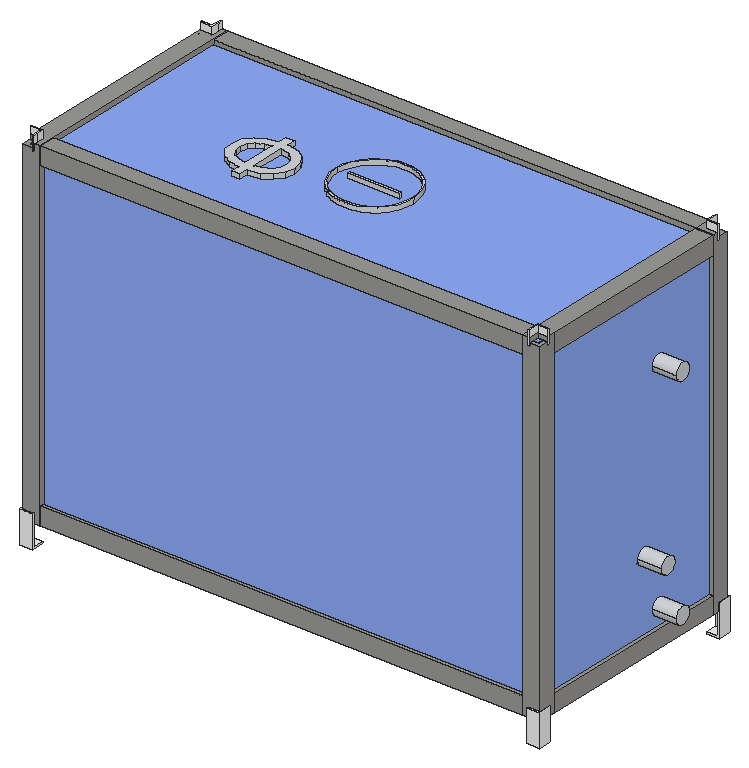
Revit family "9. Фреоновый испаритель UTR", category Оборудование, Revit 2016
Family settings
  Тип детали = Нормальный
  Размер круглого соединителя = Использовать диаметр
  На основе рабочей плоскости = Нет
  Всегда вертикально = Да
  При загрузке вырезать с полостями = Нет
  Общий = Нет
  Точка расчета площади = Нет
Parameters (values of type "90-50")
  ширина = 900 mm
  размер В = 1050 mm
  значок [instance] = yes
  высота = 500 mm
  Холодопроизводительность, кВт = 32 kW
  Синий = Синий
  Заправочный объем, л = 4.80 m³
  Диаметр патрубков = 35 mm
  Д1 = Д - 20 mm  # 490 mm
  Д = 510 mm
  ножки(да/нет) [instance] = no
  Г = 645 mm
  Б1 = Б - 20 mm  # 720 mm
  А1 = А - 20 mm  # 1105 mm
  А = 1125 mm
  высота ножек = 50 mm
  Б = 740 mm
  Частотный преобразователь [instance] = no
  Частота вращения n, об/мин = ""
  Тип, марка, обозначение = "UTR 90-50"
  Сила тока J, А = ""
  Регулятор расхода [instance] = no
  Раздел = "ОВ"
  Примечание = ""
  Позиция = ""
  Напряжение U,В = ""
  Наименование и тех.хар-ка = "Фреоновый испаритель"  # constant formula
  Мощность двигателя N,Вт = ""
  Материал = RAL 0000 Серый металл
  Масса единицы = "65"
  Код, оборудования = ""
  Ключевая пометка = "Вентиляция"
  Задание электрикам [instance] = no
  Задание автоматчикам [instance] = no
  Завод изготовитель = "KORF"  # constant formula
  Единица измерения = "шт."  # constant formula
  h = высота ножек + 10 mm  # 60 mm
Types (8, lengths in mm): name | ширина | размер В | высота | Холодопроизводительность, кВт | Заправочный объем, л | Диаметр патрубков | ножки(да/нет) | Г | Б1 | А1 | А | Б | Тип, марка, обозначение | Материал | Масса единицы
  50-25 | 500 | 635 | 250 | 9 kW | 1.40 m³ | 16 | yes | 395 | 450 | 690 | 710 | 470 | "UTR 50-25" | Сталь серая | "34"
  50-30 | 500 | 635 | 300 | 10.6 kW | 1.80 m³ | 22 | no | 445 | 500 | 690 | 710 | 520 | "UTR 50-30" | Сталь серая | "37"
  60-30 | 600 | 735 | 300 | 12.9 kW | 2.00 m³ | 22 | no | 445 | 500 | 790 | 810 | 520 | "UTR 60-30" | Сталь серая | "40"
  60-35 | 600 | 735 | 350 | 15.1 kW | 2.30 m³ | 22 | no | 495 | 550 | 790 | 810 | 570 | "UTR 60-35" | Сталь серая | "42"
  70-40 | 700 | 835 | 400 | 20.2 kW | 3.00 m³ | 28 | no | 545 | 600 | 890 | 910 | 620 | "UTR 70-40" | Сталь серая | "48"
  80-50 | 800 | 935 | 500 | 28.5 kW | 4.40 m³ | 28 | no | 645 | 700 | 990 | 1010 | 720 | "UTR 80-50" | Сталь серая | "57"
  90-50 | 900 | 1050 | 500 | 32 kW | 4.80 m³ | 35 | no | 645 | 720 | 1105 | 1125 | 740 | "UTR 90-50" | RAL 0000 Серый металл | "65"
  100-50 | 1000 | 1150 | 500 | 35.5 kW | 5.30 m³ | 35 | no | 665 | 720 | 1205 | 1225 | 740 | "UTR 100-50" | Сталь серая | "68"
Reference planes
  plane 1 "По центру (Вперед/Назад)": y = 0
  plane 2: z = 0
  plane 3 "По центру (Влево/Вправо)": x = 0
  plane 4: x = -552.5
  plane 5: x = 552.5
  plane 6: y = 245
  plane 7: y = -245
  plane 8: z = 780
  plane 9: z = 60
  plane 10: z = 805
  plane 11: z = 272.5
  plane 12: z = 600
  plane 13: z = 240
  plane 14: z = 125
  plane 15: z = 730
  plane 16: y = 80
  plane 17: y = 40
  plane 18: x = 606
Forms (mm)
  Extrusion 1, solid, material "Синий" <- "Синий", detail levels fine
    sketch origin (0, 0, 50) x (1, 0, 0) y (0, 1, 0)
      loop
        line (-552.5, 245) -> (-552.5, -245) -> (552.5, -245) -> (552.5, 245) -> (-552.5, 245)
    from 10 to 730
  Sweep 2, solid, material "RAL 0000 Серый металл" <- "Материал", detail levels fine
    path origin (552.5, -245, 50) x (-1, 0, 0) y (0, 0, -1)
      loop
        line (0, -730) -> (1105, -730) -> (1105, -10) -> (0, -10) -> (0, -730)
    profile "Профиль уголок 10х10 : Профиль уголок 10х10" origin (0, -245, 780) x (0, 0, -1) y (0, -1, 0)
      loop
        line (0, -27.5) -> (0, 0) -> (27.5, 0) -> (27.5, 10) -> (-10, 10) -> (-10, -27.5) -> (0, -27.5)
  Sweep 3, solid, material "RAL 0000 Серый металл" <- "Материал", detail levels fine
    path origin (-552.5, 245, 50) x (1, 0, 0) y (0, 0, -1)
      loop
        line (0, -730) -> (1105, -730) -> (1105, -10) -> (0, -10) -> (0, -730)
    profile "Профиль уголок 10х10 : Профиль уголок 10х10" origin (0, 245, 780) x (0, 0, -1) y (0, 1, 0)
      loop
        line (0, -27.5) -> (0, 0) -> (27.5, 0) -> (27.5, 10) -> (-10, 10) -> (-10, -27.5) -> (0, -27.5)
  Sweep 4, solid, material "RAL 0000 Серый металл" <- "Материал", detail levels fine
    path origin (552.5, 245, 50) x (0, -1, 0) y (0, 0, -1)
      loop
        line (0, -730) -> (490, -730) -> (490, -10) -> (0, -10) -> (0, -730)
    profile "Профиль уголок 10х10 : Профиль уголок 10х10" origin (552.5, 0, 780) x (0, 0, -1) y (1, 0, 0)
      loop
        line (0, -27.5) -> (0, 0) -> (27.5, 0) -> (27.5, 10) -> (-10, 10) -> (-10, -27.5) -> (0, -27.5)
  Sweep 5, solid, material "RAL 0000 Серый металл" <- "Материал", detail levels fine
    path origin (-552.5, -245, 50) x (0, 1, 0) y (0, 0, -1)
      loop
        line (0, -730) -> (490, -730) -> (490, -10) -> (0, -10) -> (0, -730)
    profile "Профиль уголок 10х10 : Профиль уголок 10х10" origin (-552.5, 0, 780) x (0, 0, -1) y (-1, 0, 0)
      loop
        line (0, -27.5) -> (0, 0) -> (27.5, 0) -> (27.5, 10) -> (-10, 10) -> (-10, -27.5) -> (0, -27.5)
  Extrusion 6, void
    sketch origin (-552.5, -244.965, 330) x (0, -1, 0) y (0, 0, -1)
      loop
        line (-477.965, -475) -> (-477.965, -450) -> (-528.913, -450) -> (-528.913, -475) -> (-477.965, -475)
    from -47.452 to 12
  Extrusion 7, void, not visible
    sketch origin (-345, -245, 50) x (0, -1, 0) y (0, 0, -1)
      loop
        line (-477.965, -475) -> (-477.965, -450) -> (-528.913, -450) -> (-528.913, -475) -> (-477.965, -475)
    from -47.452 to 12
  Extrusion 8, void
    sketch origin (552.5, 244.965, 330) x (0, 1, 0) y (0, 0, -1)
      loop
        line (-11.965, -475) -> (38.984, -475) -> (38.984, -450) -> (-11.965, -450) -> (-11.965, -475)
    from -47.452 to 12
  Extrusion 9, void
    sketch origin (-552.5, -244.965, 330) x (0, -1, 0) y (0, 0, -1)
      loop
        line (-11.965, -475) -> (38.984, -475) -> (38.984, -450) -> (-11.965, -450) -> (-11.965, -475)
    from -47.452 to 12
  Extrusion 10, void
    sketch origin (552.5, 244.965, 330) x (0, 1, 0) y (0, 0, -1)
      loop
        line (-477.965, -475) -> (-477.965, -450) -> (-528.913, -450) -> (-528.913, -475) -> (-477.965, -475)
    from -47.452 to 12
  Extrusion 11, solid, detail levels fine
    sketch origin (0, 0, 0) x (0, 1, 0) y (0, 0, 1)
      loop
        circle (80, 600) r 17.5
      loop
        circle (40, 240) r 17.5
      loop
        circle (80, 125) r 17.5
    from 0 to 606
  Extrusion 12, solid, visible <- "значок", detail levels fine
    sketch origin (0, 0, 0) x (1, 0, 0) y (0, 1, 0)
      loop
        circle (0, 0) r 85
      loop
        circle (0, 0) r 81.744
      loop
        line (-56.68, 2.714) -> (-56.68, -2.286) -> (55.248, -2.286) -> (55.248, 2.714) -> (-56.68, 2.714)
      loop
        line (-197.408, -82.301) -> (-180.136, -79.25) -> (-166.975, -71.827) -> (-158.646, -60.41) -> (-155.87, -45.378) -> (-158.596, -30.55) -> (-166.777, -19.164) -> (-179.888, -11.655) -> (-197.408, -8.455) -> (-197.408, -82.301)
      loop
        line (-254.537, -30.198) -> (-257.408, -45.378) -> (-254.573, -60.446) -> (-246.068, -71.899) -> (-232.848, -79.322) -> (-215.87, -82.301) -> (-215.87, -8.455) -> (-232.668, -11.412) -> (-245.924, -18.768) -> (-254.537, -30.198)
      loop
        line (-239.528, 5.472) -> (-258.796, -5.895) -> (-271.601, -23.149) -> (-275.87, -45.342) -> (-271.588, -67.468) -> (-258.742, -84.807) -> (-239.46, -96.269) -> (-215.87, -100.763) -> (-215.87, -119.225) -> (-197.408, -119.225) -> (-197.408, -100.763) -> (-171.902, -95.625) -> (-153.003, -83.455) -> (-141.307, -66.085) -> (-137.408, -45.342) -> (-141.433, -24.258) -> (-153.508, -6.941) -> (-172.533, 5.012) -> (-197.408, 10.006) -> (-197.408, 28.468) -> (-215.87, 28.468) -> (-215.87, 10.006) -> (-239.528, 5.472)
    from 780 to 790
Cuts and joins
  Extrusion 6, Extrusion 8, Extrusion 9, Extrusion 10 cuts Extrusion 1
  Extrusion 6, Extrusion 8, Extrusion 9, Extrusion 10 cuts Sweep 3
  Extrusion 6, Extrusion 8, Extrusion 9 cuts Sweep 5
  Extrusion 8, Extrusion 10 cuts Sweep 4
  Extrusion 9, Extrusion 10 cuts Sweep 2
Dimensions and locks
  equal spacing: plane 6, plane 1 "По центру (Вперед/Назад)", plane 7
  "Д1": plane 6 to plane 7
  equal spacing: plane 4, plane 3 "По центру (Влево/Вправо)", plane 5
  "А1": plane 4 to plane 5
  "h": plane 9 to level
  "Б1": plane 8 to plane 9
  locked: plane 10 to plane 8 at 25
  locked: plane 8 to plane 15 at 50
  locked: plane 8 to plane 12 at 180
  locked: plane 14 to plane 9 at 65
  locked: plane 13 to plane 9 at 180
  locked: plane 17 to plane 1 "По центру (Вперед/Назад)" at 40
  locked: plane 16 to plane 1 "По центру (Вперед/Назад)" at 80
  locked: plane 18 to plane 5 at 53.5
  cut or joined group of Sweep 2, Extrusion 9, Extrusion 10 to level = 50 mm
  "Диаметр патрубков": diameter of Extrusion 11 sketch curve  (x3)
  aligned and locked: level to plane 2
  aligned and locked: plane 6 to Extrusion 1
  aligned and locked: plane 5 to Extrusion 1
  aligned and locked: Extrusion 1 to plane 7
  aligned and locked: Extrusion 1 to plane 4
  aligned and locked: plane 8 to Extrusion 1
  aligned and locked: Extrusion 1 to plane 9
  aligned and locked: Sweep 4 sketch curve to Extrusion 1  (x2)
  aligned and locked: Sweep 5 sketch curve to Extrusion 1  (x2)
  aligned and locked: nested 1 to Sweep 5  (x2)
  aligned and locked: nested 2 to Sweep 4
  aligned and locked: Sweep 4 to nested 2
  aligned and locked: nested 4 to Sweep 4  (x2)
  aligned and locked: Sweep 5 to nested 3
  aligned and locked: nested 3 to Sweep 5
  aligned and locked: Extrusion 6 to nested 5  (x2)
  aligned and locked: Extrusion 8 to nested 7
  aligned and locked: nested 7 to Extrusion 8
  aligned and locked: Extrusion 9 to nested 8
  aligned and locked: nested 8 to Extrusion 9
  aligned and locked: Extrusion 10 to nested 9
  aligned and locked: nested 9 to Extrusion 10
  aligned and locked: nested 8 to cut or joined group of Sweep 2, Extrusion 9, Extrusion 10  (x2)
  aligned and locked: nested 5 to cut or joined group of Sweep 3, Extrusion 6, Extrusion 8, Extrusion 9, Extrusion 10
  aligned and locked: nested 5 to cut or joined group of Sweep 5, Extrusion 6, Extrusion 8, Extrusion 9
  aligned and locked: nested 7 to cut or joined group of Sweep 4, Extrusion 8, Extrusion 10
  aligned and locked: nested 7 to cut or joined group of Sweep 3, Extrusion 6, Extrusion 8, Extrusion 9, Extrusion 10
  aligned and locked: nested 9 to cut or joined group of Sweep 2, Extrusion 9, Extrusion 10
  aligned and locked: cut or joined group of Sweep 2, Extrusion 9, Extrusion 10 to nested 9
  aligned and locked: nested 8 to plane 10
  aligned and locked: nested 9 to plane 10
  aligned and locked: plane 10 to nested 5
  aligned and locked: plane 10 to nested 7
  aligned and locked: plane 18 to Extrusion 11
  aligned and locked: plane 7 to nested 10
  aligned and locked: nested 10 to plane 5
  aligned and locked: plane 7 to nested 11
  aligned and locked: plane 9 to nested 11
  aligned and locked: cut or joined group of Sweep 3, Extrusion 6, Extrusion 8, Extrusion 9, Extrusion 10 to Extrusion 12
  aligned and locked: Extrusion 12 to plane 8
Automatic sketch dimensions
  Extrusion 6 sketch curve to Extrusion 6 sketch curve = 50.949 mm
  Extrusion 6 sketch curve to Extrusion 6 sketch curve = 25 mm
  Extrusion 7 sketch curve to Extrusion 7 sketch curve = 50.949 mm
  Extrusion 7 sketch curve to Extrusion 7 sketch curve = 25 mm
  Extrusion 8 sketch curve to Extrusion 8 sketch curve = 50.949 mm
  Extrusion 8 sketch curve to Extrusion 8 sketch curve = 25 mm
  Extrusion 9 sketch curve to Extrusion 9 sketch curve = 50.949 mm
  Extrusion 9 sketch curve to Extrusion 9 sketch curve = 25 mm
  Extrusion 10 sketch curve to Extrusion 10 sketch curve = 50.949 mm
  Extrusion 10 sketch curve to Extrusion 10 sketch curve = 25 mm
  Extrusion 1 sketch curve to plane 4 = 0 mm
  Extrusion 1 sketch curve to plane 5 = 0 mm
  Extrusion 1 sketch curve to plane 7 = 0 mm
  Extrusion 1 sketch curve to plane 6 = 0 mm
  Sweep 2 sketch curve to Extrusion 1 = 0 mm  (x4)
  Sweep 3 sketch curve to Extrusion 1 = 0 mm  (x3)
  Extrusion 1 to Sweep 3 sketch curve = 0 mm
  Sweep 4 sketch curve to Extrusion 1 = 0 mm  (x2)
  Sweep 5 sketch curve to Extrusion 1 = 0 mm  (x2)
  Extrusion 12 sketch curve to Extrusion 12 sketch curve = 0 mm  (x6)
  plane 1 "По центру (Вперед/Назад)" to Extrusion 12 sketch curve = 0 mm
  Extrusion 12 sketch curve to plane 3 "По центру (Влево/Вправо)" = 0 mm
  Extrusion 12 sketch curve to plane 1 "По центру (Вперед/Назад)" = 2.714 mm
  Extrusion 12 sketch curve to plane 3 "По центру (Влево/Вправо)" = 56.68 mm
  plane 3 "По центру (Влево/Вправо)" to Extrusion 12 sketch curve = 55.248 mm
  plane 1 "По центру (Вперед/Назад)" to Extrusion 12 sketch curve = 2.286 mm
  plane 1 "По центру (Вперед/Назад)" to Extrusion 12 sketch curve = 45.378 mm
  Extrusion 12 sketch curve to Extrusion 12 sketch curve = 99.19 mm
  plane 1 "По центру (Вперед/Назад)" to Extrusion 12 sketch curve = 30.55 mm
  Extrusion 12 sketch curve to Extrusion 12 sketch curve = 2.727 mm
  plane 1 "По центру (Вперед/Назад)" to Extrusion 12 sketch curve = 60.41 mm
  Extrusion 12 sketch curve to Extrusion 12 sketch curve = 2.776 mm
  plane 1 "По центру (Вперед/Назад)" to Extrusion 12 sketch curve = 19.164 mm
  Extrusion 12 sketch curve to Extrusion 12 sketch curve = 8.181 mm
  plane 1 "По центру (Вперед/Назад)" to Extrusion 12 sketch curve = 71.827 mm
  Extrusion 12 sketch curve to Extrusion 12 sketch curve = 8.329 mm
  plane 1 "По центру (Вперед/Назад)" to Extrusion 12 sketch curve = 11.655 mm
  Extrusion 12 sketch curve to Extrusion 12 sketch curve = 13.111 mm
  plane 1 "По центру (Вперед/Назад)" to Extrusion 12 sketch curve = 79.25 mm
  Extrusion 12 sketch curve to Extrusion 12 sketch curve = 13.161 mm
  Extrusion 12 sketch curve to Extrusion 12 sketch curve = 17.272 mm
  Extrusion 12 sketch curve to Extrusion 12 sketch curve = 3.051 mm
  plane 1 "По центру (Вперед/Назад)" to Extrusion 12 sketch curve = 8.455 mm  (x2)
  Extrusion 12 sketch curve to Extrusion 12 sketch curve = 18.462 mm  (x7)
  plane 1 "По центру (Вперед/Назад)" to Extrusion 12 sketch curve = 11.412 mm
  Extrusion 12 sketch curve to Extrusion 12 sketch curve = 16.798 mm
  Extrusion 12 sketch curve to Extrusion 12 sketch curve = 16.979 mm
  plane 1 "По центру (Вперед/Назад)" to Extrusion 12 sketch curve = 18.768 mm
  Extrusion 12 sketch curve to Extrusion 12 sketch curve = 13.256 mm
  Extrusion 12 sketch curve to Extrusion 12 sketch curve = 13.22 mm
  plane 1 "По центру (Вперед/Назад)" to Extrusion 12 sketch curve = 30.198 mm
  Extrusion 12 sketch curve to Extrusion 12 sketch curve = 8.613 mm
  Extrusion 12 sketch curve to Extrusion 12 sketch curve = 8.505 mm
  Extrusion 12 sketch curve to Extrusion 12 sketch curve = 2.835 mm
  Extrusion 12 sketch curve to Extrusion 12 sketch curve = 2.979 mm
  Extrusion 12 sketch curve to Extrusion 12 sketch curve = 7.423 mm
  Extrusion 12 sketch curve to Extrusion 12 sketch curve = 11.453 mm
  Extrusion 12 sketch curve to Extrusion 12 sketch curve = 15.068 mm
  Extrusion 12 sketch curve to Extrusion 12 sketch curve = 12.674 mm
  plane 1 "По центру (Вперед/Назад)" to Extrusion 12 sketch curve = 5.895 mm
  Extrusion 12 sketch curve to Extrusion 12 sketch curve = 12.873 mm
  Extrusion 12 sketch curve to Extrusion 12 sketch curve = 17.015 mm
  plane 1 "По центру (Вперед/Назад)" to Extrusion 12 sketch curve = 23.149 mm
  Extrusion 12 sketch curve to Extrusion 12 sketch curve = 17.064 mm
  Extrusion 12 sketch curve to plane 1 "По центру (Вперед/Назад)" = 5.472 mm
  Extrusion 12 sketch curve to Extrusion 12 sketch curve = 6.86 mm
  Extrusion 12 sketch curve to Extrusion 12 sketch curve = 6.612 mm
  Extrusion 12 sketch curve to plane 1 "По центру (Вперед/Назад)" = 10.006 mm  (x2)
  Extrusion 12 sketch curve to plane 1 "По центру (Вперед/Назад)" = 5.012 mm
  Extrusion 12 sketch curve to Extrusion 12 sketch curve = 7.356 mm
  Extrusion 12 sketch curve to Extrusion 12 sketch curve = 8.235 mm
  plane 1 "По центру (Вперед/Назад)" to Extrusion 12 sketch curve = 6.941 mm
  Extrusion 12 sketch curve to Extrusion 12 sketch curve = 13.269 mm
  Extrusion 12 sketch curve to Extrusion 12 sketch curve = 13.972 mm
  plane 1 "По центру (Вперед/Назад)" to Extrusion 12 sketch curve = 24.258 mm
  Extrusion 12 sketch curve to Extrusion 12 sketch curve = 17.163 mm
  plane 1 "По центру (Вперед/Назад)" to Extrusion 12 sketch curve = 66.085 mm
  Extrusion 12 sketch curve to Extrusion 12 sketch curve = 17.339 mm
  plane 1 "По центру (Вперед/Назад)" to Extrusion 12 sketch curve = 45.342 mm
  Extrusion 12 sketch curve to Extrusion 12 sketch curve = 11.629 mm
  Extrusion 12 sketch curve to Extrusion 12 sketch curve = 12.909 mm
  Extrusion 12 sketch curve to Extrusion 12 sketch curve = 16.375 mm
  Extrusion 12 sketch curve to Extrusion 12 sketch curve = 16.947 mm
  Extrusion 12 sketch curve to Extrusion 12 sketch curve = 7.022 mm
  Extrusion 12 sketch curve to Extrusion 12 sketch curve = 0.036 mm
  plane 17 to Extrusion 12 sketch curve = 11.532 mm
  plane 13 to Extrusion 11 sketch curve = 0 mm
  Extrusion 11 sketch curve to plane 17 = 0 mm
  plane 14 to Extrusion 11 sketch curve = 0 mm
  Extrusion 11 sketch curve to plane 16 = 0 mm  (x2)
  plane 12 to Extrusion 11 sketch curve = 0 mm
  radius of Extrusion 12 sketch curve = 85 mm
  radius of Extrusion 12 sketch curve = 81.744 mm
Nested families
  nested 1: "Ножка 50мм" at (-565.5, 258, 0), type "Ножка 50мм", detail levels fine
  nested 2: "Ножка 50мм" at (565.5, 258, 0) x (-1, 0, 0) z (0, 0, 1), type "Ножка 50мм", detail levels fine
  nested 3: "Ножка 50мм" at (-565.5, -258, 0), type "Ножка 50мм", detail levels fine
  nested 4: "Ножка 50мм" at (565.5, -258, 0) x (-1, 0, 0) z (0, 0, 1), type "Ножка 50мм", detail levels fine
  nested 5: "крепление 15мм" at (-537.5, 230, 775), type "крепление 15мм", detail levels fine
  nested 6: "крепление 15мм" at (-330, 229.965, 495), type "крепление 15мм", not visible, detail levels fine
  nested 7: "крепление 15мм" at (537.5, 230, 775) x (-1, 0, 0) z (0, 0, 1), type "крепление 15мм", detail levels fine
  nested 8: "крепление 15мм" at (-537.5, -230, 775), type "крепление 15мм", detail levels fine
  nested 9: "крепление 15мм" at (537.5, -230, 775) x (-1, 0, 0) z (0, 0, 1), type "крепление 15мм", detail levels fine
  nested 10: "УГО фреон.охладитель(план)" at (0, 0, 780), длина <- "Д1", Ширина <- "А1", type "УГО вентилятор", detail levels coarse
    with длина 490 mm, Ширина 1105 mm
  nested 11: "УГО охладитель (разрез)" at (0, 0, 60) x (0, 1, 0) z (0, 0, 1), высота <- "Б1", длина <- "Д1", type "УГО охладитель (разрез)", detail levels medium
    with длина 490 mm, высота 720 mm, Ширина 0 mm
Connectors
  hvac at (0, -255, 420), driven by "высота", driven by "ширина"
    settings: on cut or joined group of Sweep 2, Extrusion 9, Extrusion 10, index 1, duct flow 0.0 L/s, flow factor 0, pres drop 0.0 Pa, loss coef 0, conn angle 0.00°, conn width 900 mm, conn height 500 mm, conn diameter 609.6 mm, duct sys type 28, conn prof type 1, flow config 0, flow direction 0, loss method 0, conn ref index 2, conn util no, is conn primary yes, conn desc ""
  hvac at (0, 255, 420), driven by "высота", driven by "ширина"
    settings: on cut or joined group of Sweep 3, Extrusion 6, Extrusion 8, Extrusion 9, Extrusion 10, index 2, duct flow 0.0 L/s, flow factor 0, pres drop 0.0 Pa, loss coef 0, conn angle 0.00°, conn width 900 mm, conn height 500 mm, conn diameter 609.6 mm, duct sys type 28, conn prof type 1, flow config 0, flow direction 0, loss method 0, conn ref index 1, conn util no, is conn primary no, conn desc ""
  piping at (606, 80, 600), diameter 35, driven by "Диаметр патрубков"
    settings: on Extrusion 11, index 3, connector inside diameter 609.6 mm, connector length 0 mm, flow factor 0, pipe flow 0.0 L/s, pressure drop 0.0 Pa, fitting loss kfactor 0, connector angle 0.00°, fixture units 0, engagement length 0 mm, angle of deflection 0.00°, flow configuration 0, flow direction 0, fitting loss method 0, system type 28, joint type 0, gender type 0, connector reference index -1, connector utility 0, adjustable connector no, is connector primary yes, connector description ""
  piping at (606, 80, 600), diameter 35, driven by "Диаметр патрубков"
    settings: on Extrusion 11, index 4, connector inside diameter 609.6 mm, connector length 0 mm, flow factor 0, pipe flow 0.0 L/s, pressure drop 0.0 Pa, fitting loss kfactor 0, connector angle 0.00°, fixture units 0, engagement length 0 mm, angle of deflection 0.00°, flow configuration 0, flow direction 0, fitting loss method 0, system type 28, joint type 0, gender type 0, connector reference index -1, connector utility 0, adjustable connector no, is connector primary no, connector description ""
  piping at (606, 40, 240), diameter 35, driven by "Диаметр патрубков"
    settings: on Extrusion 11, index 5, connector inside diameter 609.6 mm, connector length 0 mm, flow factor 0, pipe flow 0.0 L/s, pressure drop 0.0 Pa, fitting loss kfactor 0, connector angle 0.00°, fixture units 0, engagement length 0 mm, angle of deflection 0.00°, flow configuration 0, flow direction 0, fitting loss method 0, system type 28, joint type 0, gender type 0, connector reference index -1, connector utility 0, adjustable connector no, is connector primary no, connector description ""
  piping at (606, 80, 125), diameter 35, driven by "Диаметр патрубков"
    settings: on Extrusion 11, index 6, connector inside diameter 609.6 mm, connector length 0 mm, flow factor 0, pipe flow 0.0 L/s, pressure drop 0.0 Pa, fitting loss kfactor 0, connector angle 0.00°, fixture units 0, engagement length 0 mm, angle of deflection 0.00°, flow configuration 0, flow direction 0, fitting loss method 0, system type 28, joint type 0, gender type 0, connector reference index -1, connector utility 0, adjustable connector no, is connector primary no, connector description ""
Definition of nested family "Ножка 50мм"
  Parameters (values of type "Ножка 50мм")
    Материал ножек = none
  Reference planes
    plane 1 "По центру (Вперед/Назад)": y = 0
    plane 2: z = 0
    plane 3 "По центру (Влево/Вправо)": x = 0
  Forms (mm)
    Extrusion 1, solid, material <- "Материал ножек"
      sketch origin (0, 0, 0) x (1, 0, 0) y (0, 1, 0)
        loop
          line (0, 0) -> (0, -28) -> (3, -28) -> (3, -3) -> (28, -3) -> (28, 0) -> (0, 0)
      from 0 to 70
    Extrusion 2, solid, material <- "Материал ножек"
      sketch origin (0, 0, 0) x (1, 0, 0) y (0, 1, 0)
        loop
          line (0, 0) -> (0, -28.035) -> (28.021, -28.035) -> (28.021, 0) -> (0, 0)
      from 0 to 3
  Cuts and joins
    joined: Extrusion 1, Extrusion 2
  Dimensions and locks
    Extrusion 1 sketch curve to Extrusion 1 sketch curve = 3 mm  (x2)
    Extrusion 1 sketch curve to Extrusion 1 sketch curve = 28 mm  (x2)
    aligned and locked: level to plane 2
Definition of nested family "крепление 15мм"
  Parameters (values of type "крепление 15мм")
    Материал крепления = none
  Reference planes
    plane 1 "По центру (Вперед/Назад)": y = 0
    plane 2: z = 0
    plane 3 "По центру (Влево/Вправо)": x = 0
  Forms (mm)
    Extrusion 1, solid, material <- "Материал крепления"
      sketch origin (0, 0, 0) x (1, 0, 0) y (0, 1, 0)
        loop
          line (-25, 0) -> (0, 0) -> (0, 18.31) -> (0, 25) -> (-3, 25) -> (-3, 3) -> (-25, 3) -> (-25, 0)
      from 0 to 30
    Extrusion 2, void
      sketch origin (0, 0, 0) x (1, 0, 0) y (0, 1, 0)
        loop
          line (-3, 3) -> (-3, 54.96) -> (-58, 54.96) -> (-58, 3) -> (-3, 3)
      from 0 to 15
  Cuts and joins
    Extrusion 2 cuts Extrusion 1
  Dimensions and locks
    Extrusion 1 sketch curve to Extrusion 1 sketch curve = 3 mm  (x2)
    Extrusion 1 sketch curve to Extrusion 1 sketch curve to plane 3 "По центру (Влево/Вправо)" = 25 mm, 0 mm
    Extrusion 1 sketch curve to Extrusion 1 sketch curve = 25 mm
    aligned and locked: level to plane 2
Definition of nested family "УГО фреон.охладитель(план)"
  Parameters (values of type "УГО вентилятор")
    длина [instance] = 300 mm
    Ширина [instance] = 800 mm
    Частота вращения n, об/мин = ""
    Тип, марка, обозначение = ""
    Сила тока J, А = ""
    Раздел = "ВПИСАТЬ РАЗДЕЛ"
    Примечание = ""
    Позиция = ""
    Default Elevation = 1219.2 mm
    Напряжение U,В = ""
    Наименование и тех.хар-ка = ""
    Мощность двигателя N,Вт = ""
    Материал = none
    Масса единицы = ""
    Код, оборудования = ""
    Keynote = "ВПИСАТЬ СПЕЦИАЛЬНОСТЬ"
    Завод изготовитель = ""
    Единица измерения = ""
    Диаметр = 110 mm
  Reference planes
    plane 1 "По центру (Вперед/Назад)": y = 0
    plane 2: z = 0
    plane 3 "По центру (Влево/Вправо)": x = 0
    plane 4: y = 150
    plane 5: y = -150
    plane 6: x = -400
    plane 7: x = 400
  Lines and regions (mm)
    model lines
      curve 1: line (-80, 0, 0) -> (80, 0, 0)
      curve 2: line (-400, 150, 0) -> (400, 150, 0)
      curve 3: line (-400, -150, 0) -> (-400, 150, 0)
      curve 4: line (400, -150, 0) -> (-400, -150, 0)
      curve 5: line (400, 150, 0) -> (400, -150, 0)
      curve 6: circle (0, 0, 0) r 80 normal (0, 0, 1)
  Dimensions and locks
    "Ширина": plane 6 to plane 7
    "длина": plane 4 to plane 5
    equal spacing: plane 5, plane 1 "По центру (Вперед/Назад)", plane 4
    equal spacing: plane 6, plane 3 "По центру (Влево/Вправо)", plane 7
    aligned and locked: level to plane 2
  Automatic sketch dimensions
    plane 5 to curve 3 = 0 mm
    curve 3 to plane 6 = 0 mm
    plane 1 "По центру (Вперед/Назад)" to curve 1 = 0 mm
    plane 1 "По центру (Вперед/Назад)" to curve 6 = 0 mm
    curve 6 to plane 3 "По центру (Влево/Вправо)" = 0 mm
    curve 5 to plane 7 = 0 mm
    curve 2 to plane 4 = 0 mm
    curve 1 to plane 3 "По центру (Влево/Вправо)" = 80 mm
Definition of nested family "УГО охладитель (разрез)"
  Parameters (values of type "УГО охладитель (разрез)")
    длина [instance] = 200 mm
    высота [instance] = 410 mm
    Ширина [instance] = 410 mm
    Частота вращения n, об/мин = ""
    Тип, марка, обозначение = ""
    Сила тока J, А = ""
    Раздел = ""
    Примечание = ""
    Позиция = ""
    Default Elevation = 1219.2 mm
    Напряжение U,В = ""
    Наименование и тех.хар-ка = ""
    Мощность двигателя N,Вт = ""
    Материал = none
    Масса единицы = ""
    Код, оборудования = ""
    Keynote = ""
    Завод изготовитель = ""
    Единица измерения = ""
    Диаметр = 110 mm
  Reference planes
    plane 1 "По центру (Вперед/Назад)": y = 0
    plane 2: z = 0
    plane 3 "По центру (Влево/Вправо)": x = 0
    plane 4: z = 410
    plane 5: x = 100
    plane 6: x = -100
    plane 7: z = 205
  Lines and regions (mm)
    model lines
      curve 1: line (-50, 0, 205) -> (50, 0, 205)
      curve 2: circle (0, 0, 205) r 50 normal (0, -1, 0)
      curve 3: line (-100, 0, 0) -> (100, 0, 0)
      curve 4: line (-100, 0, 410) -> (-100, 0, 0)
      curve 5: line (100, 0, 410) -> (-100, 0, 410)
      curve 6: line (100, 0, 0) -> (100, 0, 410)
  Dimensions and locks
    equal spacing: plane 5, plane 3 "По центру (Влево/Вправо)", plane 6
    "длина": plane 5 to plane 6
    "высота": plane 4 to level
    equal spacing: plane 4, plane 7, plane 2
    aligned and locked: level to plane 2
  Automatic sketch dimensions
    curve 3 to level = 0 mm
    curve 3 to plane 6 = 0 mm
    curve 1 to plane 7 = 0 mm
    curve 2 to plane 3 "По центру (Влево/Вправо)" = 0 mm
    curve 3 to plane 5 = 0 mm
    curve 2 to plane 7 = 0 mm
    curve 5 to plane 4 = 0 mm
    curve 1 to plane 3 "По центру (Влево/Вправо)" = 50 mm
